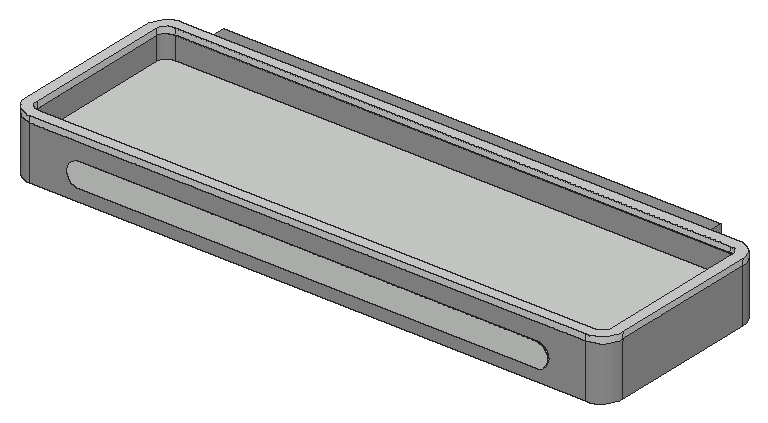
Revit family "KEUCO_14959010037", category Sonderausstattung, Revit 2016
Family settings
  Teiletyp = Normal
  Bemaßung runder Anschluss = Durchmesser verwenden
  Arbeitsebenenbasiert = Nein
  Immer vertikal = Ja
  Beim Laden mit Abzugskörper schneiden = Nein
  Gemeinsam genutzt = Nein
  Raumberechnungspunkt = Nein
Parameters (values of type "14959070037")
  Verwendung = "DU / WA"  # constant formula
  URL = "https://www.keuco.com/de/produkte/sortiment/artikel/?pid=14959&oid=2&pgo=19&country=de&lang=de&vid=14959070037"
  Serie = "Plan"  # constant formula
  Preisgruppe = "1"  # constant formula
  Materialien bei Hersteller anfragen = "Anfrage zu:  objektmanagement@keuco.de"
  Material Abdeckung [instance] = Aluminium silber-eloxiert (E6 EV1)
  Material Regal = Lichtgrau (RAL 7035)
  Kategorie = "ACC"  # constant formula
  Hersteller = "KEUCO"  # constant formula
  Gewicht = 382
  Beschreibung = "3-teilig: Metallkorb, herausnehmbarer,\r\nseifenbeständiger, bruchfester und\r\nUV-unempfindlicher Kunststoff-Einsatz\r\nund integrierter Glasabzieher"
  Ausschreibungstext = "KEUCO PLAN Duschkorb mit integriertem Glasabzieher, 14959070037\r\nDuschkorb in Edelstahl-Optik mit integriertem Glasabieher \r\nin ästhetischem, funktionalem Design, \r\nEdelstahl-finish/schwarzgrau (RAL 7021),\r\nhochwertiger Metallrahmen mit herausnehmbaren, \r\nseifenbeständigem, bruchfestem und \r\nUV-unempfindlichen Kunststoff-Einsatz(Polysterol schlagzäh),\r\nTiefe 102 mm, Breite 288, Höhe 29 mm, \r\nBefestigungsabstand 160 mm,\r\nder Duschkorb wird verdeckt angebracht,\r\nLieferung inkl. korrosionsfreiem Befestigungsmaterial"
  Artikelnummer = "14959070037"
Types (10, lengths in mm): name | URL | Materialien bei Hersteller anfragen | Material Abdeckung | Material Regal | Beschreibung | Ausschreibungstext | Artikelnummer
  (no name) | "https://www.keuco.com" | "Request to:  objektmanagement@keuco.de" | Verchromt | Schwarzgrau (RAL 7021) | "--" | "" | "14959010037"
  14959010037 | "https://www.keuco.com/de/produkte/sortiment/artikel/?pid=14959&oid=2&pgo=19&country=de&lang=de&vid=14959010037" | "Request to:  objektmanagement@keuco.de" | Verchromt | Schwarzgrau (RAL 7021) | "3-teilig: Metallkorb, herausnehmbarer,\r\nseifenbeständiger, bruchfester und\r\nUV-unempfindlicher Kunststoff-Einsatz\r\nund integrierter Glasabzieher" | "KEUCO PLAN Duschkorb mit integriertem Glasabzieher, 14959010037\r\nhochglanzverchromter Duschkorb mit integriertem Glasabieher \r\nin ästhetischem, funktionalem Design, \r\nverchromt/schwarzgrau (RAL 7021),\r\nhochwertiger Metallrahmen mit herausnehmbaren, \r\nseifenbeständigem, bruchfestem und \r\nUV-unempfindlichen Kunststoff-Einsatz(Polysterol schlagzäh),\r\nTiefe 102 mm, Breite 288, Höhe 29 mm, \r\nBefestigungsabstand 160 mm,\r\nder Duschkorb wird verdeckt angebracht,\r\nLieferung inkl. korrosionsfreiem Befestigungsmaterial" | "14959010037"
  14959010038 | "https://www.keuco.com/de/produkte/sortiment/artikel/?pid=14959&oid=2&pgo=19&country=de&lang=de&vid=14959010038" | "Request to:  objektmanagement@keuco.de" | Verchromt | Lichtgrau (RAL 7035) | "3-teilig: Metallkorb, herausnehmbarer,\r\nseifenbeständiger, bruchfester und\r\nUV-unempfindlicher Kunststoff-Einsatz\r\nund integrierter Glasabzieher" | "KEUCO PLAN Duschkorb mit integriertem Glasabzieher, 14959010038\r\nhochglanzverchromter Duschkorb mit integriertem Glasabieher \r\nin ästhetischem, funktionalem Design, \r\nverchromt/lichtgrau (RAL 7035),\r\nhochwertiger Metallrahmen mit herausnehmbaren, \r\nseifenbeständigem, bruchfestem und \r\nUV-unempfindlichen Kunststoff-Einsatz(Polysterol schlagzäh),\r\nTiefe 102 mm, Breite 288, Höhe 29 mm, \r\nBefestigungsabstand 160 mm,\r\nder Duschkorb wird verdeckt angebracht,\r\nLieferung inkl. korrosionsfreiem Befestigungsmaterial" | "14959010038"
  14959010051 | "https://www.keuco.com/de/produkte/sortiment/artikel/?pid=14959&oid=2&pgo=19&country=de&lang=de&vid=14959010051" | "Request to:  objektmanagement@keuco.de" | Verchromt | Weiß (RAL 9010) | "3-teilig: Metallkorb, herausnehmbarer,\r\nseifenbeständiger, bruchfester und\r\nUV-unempfindlicher Kunststoff-Einsatz\r\nund integrierter Glasabzieher" | "KEUCO PLAN Duschkorb mit integriertem Glasabzieher, 14959010051\r\nhochglanzverchromter Duschkorb mit integriertem Glasabieher \r\nin ästhetischem, funktionalem Design, \r\nverchromt/weiß (RAL 9010),\r\nhochwertiger Metallrahmen mit herausnehmbaren, \r\nseifenbeständigem, bruchfestem und \r\nUV-unempfindlichen Kunststoff-Einsatz(Polysterol schlagzäh),\r\nTiefe 102 mm, Breite 288, Höhe 29 mm, \r\nBefestigungsabstand 160 mm,\r\nder Duschkorb wird verdeckt angebracht,\r\nLieferung inkl. korrosionsfreiem Befestigungsmaterial" | "14959010051"
  14959070037 | "https://www.keuco.com/de/produkte/sortiment/artikel/?pid=14959&oid=2&pgo=19&country=de&lang=de&vid=14959070037" | "Anfrage zu:  objektmanagement@keuco.de" | Aluminium silber-eloxiert (E6 EV1) | Lichtgrau (RAL 7035) | "3-teilig: Metallkorb, herausnehmbarer,\r\nseifenbeständiger, bruchfester und\r\nUV-unempfindlicher Kunststoff-Einsatz\r\nund integrierter Glasabzieher" | "KEUCO PLAN Duschkorb mit integriertem Glasabzieher, 14959070037\r\nDuschkorb in Edelstahl-Optik mit integriertem Glasabieher \r\nin ästhetischem, funktionalem Design, \r\nEdelstahl-finish/schwarzgrau (RAL 7021),\r\nhochwertiger Metallrahmen mit herausnehmbaren, \r\nseifenbeständigem, bruchfestem und \r\nUV-unempfindlichen Kunststoff-Einsatz(Polysterol schlagzäh),\r\nTiefe 102 mm, Breite 288, Höhe 29 mm, \r\nBefestigungsabstand 160 mm,\r\nder Duschkorb wird verdeckt angebracht,\r\nLieferung inkl. korrosionsfreiem Befestigungsmaterial" | "14959070037"
  14959070038 | "https://www.keuco.com/de/produkte/sortiment/artikel/?pid=14959&oid=2&pgo=19&country=de&lang=de&vid=14959070038" | "Request to:  objektmanagement@keuco.de" | Edelstahl | Lichtgrau (RAL 7035) | "3-teilig: Metallkorb, herausnehmbarer,\r\nseifenbeständiger, bruchfester und\r\nUV-unempfindlicher Kunststoff-Einsatz\r\nund integrierter Glasabzieher" | "KEUCO PLAN Duschkorb mit integriertem Glasabzieher, 14959070038\r\nDuschkorb in Edelstahl-Optik mit integriertem Glasabieher \r\nin ästhetischem, funktionalem Design, \r\nEdelstahl-finish/lichtgrau (RAL 7035),\r\nhochwertiger Metallrahmen mit herausnehmbaren, \r\nseifenbeständigem, bruchfestem und \r\nUV-unempfindlichen Kunststoff-Einsatz(Polysterol schlagzäh),\r\nTiefe 102 mm, Breite 288, Höhe 29 mm, \r\nBefestigungsabstand 160 mm,\r\nder Duschkorb wird verdeckt angebracht,\r\nLieferung inkl. korrosionsfreiem Befestigungsmaterial" | "14959070038"
  14959070051 | "https://www.keuco.com/de/produkte/sortiment/artikel/?pid=14959&oid=2&pgo=19&country=de&lang=de&vid=14959070051" | "Request to:  objektmanagement@keuco.de" | Edelstahl | Weiß (RAL 9010) | "3-teilig: Metallkorb, herausnehmbarer,\r\nseifenbeständiger, bruchfester und\r\nUV-unempfindlicher Kunststoff-Einsatz\r\nund integrierter Glasabzieher" | "KEUCO PLAN Duschkorb mit integriertem Glasabzieher, 14959070051\r\nDuschkorb in Edelstahl-Optik mit integriertem Glasabieher \r\nin ästhetischem, funktionalem Design, \r\nEdelstahl-finish/weiß (RAL 9010),\r\nhochwertiger Metallrahmen mit herausnehmbaren, \r\nseifenbeständigem, bruchfestem und \r\nUV-unempfindlichen Kunststoff-Einsatz(Polysterol schlagzäh),\r\nTiefe 102 mm, Breite 288, Höhe 29 mm, \r\nBefestigungsabstand 160 mm,\r\nder Duschkorb wird verdeckt angebracht,\r\nLieferung inkl. korrosionsfreiem Befestigungsmaterial" | "14959070051"
  14959170037 | "https://www.keuco.com/de/produkte/sortiment/artikel/?pid=14959&oid=2&pgo=19&country=de&lang=de&vid=14959170037" | "Request to:  objektmanagement@keuco.de" | Aluminium silber-eloxiert (E6 EV1) | Schwarzgrau (RAL 7021) | "3-teilig: Metallkorb, herausnehmbarer,\r\nseifenbeständiger, bruchfester und\r\nUV-unempfindlicher Kunststoff-Einsatz\r\nund integrierter Glasabzieher" | "KEUCO PLAN Duschkorb mit integriertem Glasabzieher, 14959170037\r\nDuschkorb in Aluminium-Optik mit integriertem Glasabieher \r\nin ästhetischem, funktionalem Design, \r\nAluminium-finish/schwarzgrau (RAL 7021),\r\nhochwertiger Metallrahmen mit herausnehmbaren, \r\nseifenbeständigem, bruchfestem und \r\nUV-unempfindlichen Kunststoff-Einsatz(Polysterol schlagzäh),\r\nTiefe 102 mm, Breite 288, Höhe 29 mm, \r\nBefestigungsabstand 160 mm,\r\nder Duschkorb wird verdeckt angebracht,\r\nLieferung inkl. korrosionsfreiem Befestigungsmaterial" | "14959170037"
  14959170038 | "https://www.keuco.com/de/produkte/sortiment/artikel/?pid=14959&oid=2&pgo=19&country=de&lang=de&vid=14959170038" | "Request to:  objektmanagement@keuco.de" | Aluminium silber-eloxiert (E6 EV1) | Lichtgrau (RAL 7035) | "3-teilig: Metallkorb, herausnehmbarer,\r\nseifenbeständiger, bruchfester und\r\nUV-unempfindlicher Kunststoff-Einsatz\r\nund integrierter Glasabzieher" | "KEUCO PLAN Duschkorb mit integriertem Glasabzieher, 14959170038\r\nDuschkorb in Aluminium-Optik mit integriertem Glasabieher \r\nin ästhetischem, funktionalem Design, \r\nAluminium-finish/lichtgrau (RAL 7035),\r\nhochwertiger Metallrahmen mit herausnehmbaren, \r\nseifenbeständigem, bruchfestem und \r\nUV-unempfindlichen Kunststoff-Einsatz(Polysterol schlagzäh),\r\nTiefe 102 mm, Breite 288, Höhe 29 mm, \r\nBefestigungsabstand 160 mm,\r\nder Duschkorb wird verdeckt angebracht,\r\nLieferung inkl. korrosionsfreiem Befestigungsmaterial" | "14959170038"
  14959170051 | "https://www.keuco.com/de/produkte/sortiment/artikel/?pid=14959&oid=2&pgo=19&country=de&lang=de&vid=14959170051" | "Request to:  objektmanagement@keuco.de" | Aluminium silber-eloxiert (E6 EV1) | Weiß (RAL 9010) | "3-teilig: Metallkorb, herausnehmbarer,\r\nseifenbeständiger, bruchfester und\r\nUV-unempfindlicher Kunststoff-Einsatz\r\nund integrierter Glasabzieher" | "KEUCO PLAN Duschkorb mit integriertem Glasabzieher, 14959170051\r\nDuschkorb in Aluminium-Optik mit integriertem Glasabieher \r\nin ästhetischem, funktionalem Design, \r\nAluminium-finish/weiß (RAL 9010),\r\nhochwertiger Metallrahmen mit herausnehmbaren, \r\nseifenbeständigem, bruchfestem und \r\nUV-unempfindlichen Kunststoff-Einsatz(Polysterol schlagzäh),\r\nTiefe 102 mm, Breite 288, Höhe 29 mm, \r\nBefestigungsabstand 160 mm,\r\nder Duschkorb wird verdeckt angebracht,\r\nLieferung inkl. korrosionsfreiem Befestigungsmaterial" | "14959170051"
Reference planes
  plane 1 "Center (Front/Back)": y = 0
  plane 2: z = 0
  plane 3 "Center (Left/Right)": x = 0
  plane 4: x = -144
  plane 5: x = 144
  plane 6: y = -102
  plane 7: z = -28.958
Forms (mm)
  Extrusion 1, solid, material "Aluminium silber-eloxiert (E6 EV1)" <- "Material Abdeckung"
    sketch origin (0, 0, 0) x (1, 0, 0) y (0, 1, 0)
      loop
        line (-122.345, 0) -> (-122.345, -10) -> (117.655, -10) -> (117.655, 0) -> (-122.345, 0)
    from -28.958 to -2.938
  Extrusion 2, solid, material "Aluminium silber-eloxiert (E6 EV1)" <- "Material Abdeckung"
    sketch origin (0, 0, 0) x (1, 0, 0) y (0, 1, 0)
      loop
        line (-134, -102) -> (134, -102)
        arc (134, -102) -> (141.071, -99.071) -> (144, -92) r 10
        line (144, -92) -> (144, -20)
        arc (144, -20) -> (141.071, -12.929) -> (134, -10) r 10
        line (134, -10) -> (-134, -10)
        arc (-134, -10) -> (-141.071, -12.929) -> (-144, -20) r 10
        line (-144, -20) -> (-144, -92)
        arc (-144, -92) -> (-141.071, -99.071) -> (-134, -102) r 10
      loop
        line (-139, -20) -> (-139, -92)
        arc (-139, -92) -> (-137.536, -95.536) -> (-134, -97) r 5
        line (-134, -97) -> (134, -97)
        arc (134, -97) -> (137.536, -95.536) -> (139, -92) r 5
        line (139, -92) -> (139, -20)
        arc (139, -20) -> (137.536, -16.464) -> (134, -15) r 5
        line (134, -15) -> (-134, -15)
        arc (-134, -15) -> (-137.536, -16.464) -> (-139, -20) r 5
    from -28.958 to -2.938
  Extrusion 3, solid, material "Lichtgrau (RAL 7035)" <- "Material Regal"
    sketch origin (0, 0, 0) x (1, 0, 0) y (0, 1, 0)
      loop
        line (134, -10) -> (-134, -10)
        arc (-134, -10) -> (-141.071, -12.929) -> (-144, -20) r 10
        line (-144, -20) -> (-144, -92)
        arc (-144, -92) -> (-141.071, -99.071) -> (-134, -102) r 10
        line (-134, -102) -> (134, -102)
        arc (134, -102) -> (141.071, -99.071) -> (144, -92) r 10
        line (144, -92) -> (144, -20)
        arc (144, -20) -> (141.071, -12.929) -> (134, -10) r 10
      loop
        line (-139, -20) -> (-139, -92)
        arc (-139, -92) -> (-137.536, -95.536) -> (-134, -97) r 5
        line (-134, -97) -> (134, -97)
        arc (134, -97) -> (137.536, -95.536) -> (139, -92) r 5
        line (139, -92) -> (139, -20)
        arc (139, -20) -> (137.536, -16.464) -> (134, -15) r 5
        line (134, -15) -> (-134, -15)
        arc (-134, -15) -> (-137.536, -16.464) -> (-139, -20) r 5
    from -2.938 to 0
  Extrusion 4, solid, material "Lichtgrau (RAL 7035)" <- "Material Regal"
    sketch origin (0, 0, 0) x (1, 0, 0) y (0, 1, 0)
      loop
        arc (-134, -15) -> (-137.536, -16.464) -> (-139, -20) r 5
        line (-139, -20) -> (-139, -92)
        arc (-139, -92) -> (-137.536, -95.536) -> (-134, -97) r 5
        line (-134, -97) -> (134, -97)
        arc (134, -97) -> (137.536, -95.536) -> (139, -92) r 5
        line (139, -92) -> (139, -20)
        arc (139, -20) -> (137.536, -16.464) -> (134, -15) r 5
        line (134, -15) -> (-134, -15)
    from -13.961 to -28.958
  Extrusion 5, solid, material "Lichtgrau (RAL 7035)" <- "Material Regal"
    sketch origin (0, 0, 0) x (1, 0, 0) y (0, 0, 1)
      loop
        arc (-110, -11.086) -> (-115.945, -17.031) -> (-110, -22.977) r 5.945
        line (-110, -22.977) -> (110, -22.977)
        arc (110, -22.977) -> (115.945, -17.031) -> (110, -11.086) r 5.945
        line (110, -11.086) -> (-110, -11.086)
    from 101.625 to 102.311
Lines and regions (mm)
  symbolic lines, style "SpecialityEquipment"
    curve 1: line (-122.345, 0, 0) -> (-122.345, -9.965, 0)
    curve 2: line (117.655, 0, 0) -> (-122.345, 0, 0)
    curve 3: line (117.655, -9.965, 0) -> (117.655, 0, 0)
    curve 4: line (144, -102, 0) -> (-144, -102, 0)
    curve 5: line (144, -9.965, 0) -> (144, -102, 0)
    curve 6: line (-144, -9.965, 0) -> (144, -9.965, 0)
    curve 7: line (-144, -102, 0) -> (-144, -9.965, 0)
Dimensions and locks
  plane 4 to plane 5 = 288 mm
  equal spacing: plane 4, plane 3 "Center (Left/Right)", plane 5
  plane 6 to plane 1 "Center (Front/Back)" = 102 mm
  aligned and locked: level to plane 2
Automatic sketch dimensions
  plane 1 "Center (Front/Back)" to Extrusion 1 sketch curve = 0 mm
  plane 1 "Center (Front/Back)" to Extrusion 1 sketch curve = 10 mm
  plane 4 to Extrusion 1 sketch curve = 21.655 mm
  Extrusion 1 sketch curve to plane 5 = 26.345 mm
  Extrusion 2 sketch curve to plane 4 = 0 mm
  Extrusion 2 sketch curve to plane 6 = 0 mm
  Extrusion 2 sketch curve to plane 5 = 0 mm
  plane 4 to Extrusion 2 sketch curve = 10 mm  (x2)
  Extrusion 2 sketch curve to plane 5 = 10 mm  (x2)
  plane 1 "Center (Front/Back)" to Extrusion 2 sketch curve = 20 mm
  Extrusion 3 sketch curve to Extrusion 3 sketch curve = 0 mm  (x8)
  Extrusion 3 sketch curve to plane 4 = 0 mm
  Extrusion 3 sketch curve to plane 6 = 0 mm
  Extrusion 3 sketch curve to plane 5 = 0 mm
  Extrusion 3 sketch curve to Extrusion 3 sketch curve = 5 mm  (x4)
  Extrusion 3 sketch curve to plane 5 = 10 mm
  plane 1 "Center (Front/Back)" to Extrusion 3 sketch curve = 20 mm
  Extrusion 2 sketch curve to Extrusion 2 sketch curve = 0 mm  (x7)
  plane 4 to Extrusion 2 sketch curve = 5 mm
  plane 4 to Extrusion 4 sketch curve = 10 mm
  plane 1 "Center (Front/Back)" to Extrusion 4 sketch curve = 20 mm
  Extrusion 4 sketch curve to Extrusion 4 sketch curve = 5 mm  (x4)
  plane 6 to Extrusion 4 sketch curve = 10 mm
  Extrusion 4 sketch curve to plane 5 = 10 mm
  plane 4 to Extrusion 5 sketch curve = 34 mm
  Extrusion 5 sketch curve to plane 5 = 34 mm
  plane 7 to Extrusion 5 sketch curve = 5.981 mm
  Extrusion 5 sketch curve to Extrusion 5 sketch curve = 5.945 mm
  plane 1 "Center (Front/Back)" to curve 6 = 9.965 mm
  plane 4 to curve 1 = 21.655 mm
  curve 2 to plane 5 = 26.345 mm
  plane 1 "Center (Front/Back)" to curve 1 = 0 mm
  curve 4 to plane 5 = 0 mm
  curve 4 to plane 6 = 0 mm
  curve 6 to plane 4 = 0 mm
